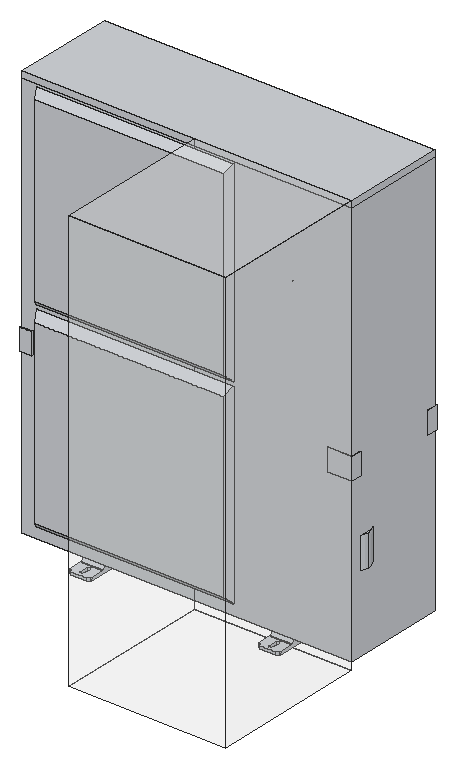
Revit family "pumy-fmp80km3_280hm3_50hz", category 機械設備, Revit 2019
Family settings
  丸型コネクタ寸法 = 直径を使用
  パーツ タイプ = 標準
  OmniClass 番号 = 23.75.10.24.21.27.27
  OmniClass タイトル = Split System Air Conditioning Units
  作業面ベース = いいえ
  常に垂直 = はい
  ロード時にボイドで切り取り = いいえ
  共有 = いいえ
  部屋計算ポイント = いいえ
Parameters (values of type "PUMY-FMP224HM3")
  風量 (㎥/min) = 130
  風量 = [風量 (㎥/min)] * 60.0 m³/h  # 7800.0 m³/h
  音響パワーレベル_暖房 (dB) = 80
  音響パワーレベル_冷房 (dB) = 80
  音響パワーレベル(dB) = [音響パワーレベル_暖房 (dB)]  # 80
  電源種別 = ""
  電源位置Y = 2 mm
  電源位置Z = 1051 mm
  電源位置X = 325 mm
  電圧 = 200 V
  電動機出力_送風機 = 0.3 kW
  電動機出力_圧縮機 = 4.09 kW
  集中コントローラ [instance] = ""
  運転質量 = 0.00 kg
  運転方法 = "冷暖切替"
  質量 = if(製品質量 > 運転質量, 製品質量, 運転質量) * 1.2  # 147.60 kg
  負荷分類 = 1_熱源類
  説明 = "店舗・事務所用マルチＦiｔマルチシリーズ室外機"
  設計暖房能力 [instance] = 0 kW
  設計冷房能力_顕熱 [instance] = 0 kW
  設計冷房能力 [instance] = 0 kW
  設置方法 = "床置形"
  記号 [instance] = ""
  製造元 = "三菱電機株式会社"
  製品質量 = 123.00 kg
  製品出荷対象 = "国内"
  製品リリース年月 = "2026/03/31"
  製品グループ = ""
  系統 [instance] = ""
  符号 = "PAC"
  積算_科目 = "1 空気調和設備"
  積算_拾い区分 [instance] = ""
  相 = 3
  盤記号 [instance] = ""
  発停方法 = "別売リモコン"
  特殊仕様 [instance] = ""
  消費電力_暖房 = 4.98 kW
  消費電力_冷房 = 5.64 kW
  消費電力 = if(消費電力_冷房 > 消費電力_暖房, 消費電力_冷房, 消費電力_暖房)  # 5.64 kW
  法定耐用年数 = "6"
  構成品番 = ""
  極数 = 3
  材質 [instance] = ""
  本体マテリアル = none
  最小電線太さ_mm2 = 8
  最大電流値 = 36 A
  暖房能力 = 22.4 kW
  推奨ブレーカー容量 = 40 A
  据付ピッチ1 = 0 mm
  形式 = "パッケージ形 屋外機"
  形名 = PUMY-FMP-2 : PUMY-FMP-2
  幹線記号 [instance] = ""
  始動方式 = "インバータ"
  呼称 = "パッケージ形空気調和機_屋外機"
  周波数 = 50 Hz
  冷媒管（液）位置Z = 450 mm
  冷媒管位置Z_上面 = 373 mm
  冷媒管（ガス）位置Z = 393 mm
  冷媒液管_半径 = (冷媒液管径) / 2  # 4.76 mm
  冷媒ガス管_半径 = (冷媒ガス管径) / 2  # 11.1 mm
  価格 = 0
  ドレン　位置Z = 19 mm
  ドレン　位置Y = 125 mm
  ドレン　位置X = 110 mm
  アンカーボルト位置Y = 370 mm
  アンカーボルト位置X = 600 mm
  参照している仕様書等のバージョン = "公共建築物標準仕様書（機械設備工事編）平成31年度版"
  分類コード = "5.0053E+13"
  分類グループ = ""
  冷房能力 = 20 kW
  冷媒管（ガス）位置X = 483 mm
  冷媒管（液）位置X = 422 mm
  冷媒管（液）位置Y = 125 mm
  冷媒管（ガス）位置Y = 109 mm
  冷媒管長 [instance] = 0 mm
  冷媒管径符号 = "Bf"
  冷媒管径 = 100.00 mm
  冷媒管位置Z = 273 mm
  冷媒管位置Y = 109 mm
  冷媒管位置X = 483 mm
  冷媒液管径 = 9.52 mm
  冷媒ガス管径 = 22.20 mm
  企業コード = "108420"
  付属品 [instance] = ""
  ユニット数 = 1
  ユニット3 = no
  ユニット2 = no
  モデル = "PUMY-FMP224HM3"
  ドレン管径 = 33.00 mm
  サービススペース = yes
  コメント [instance] = ""
  ケーブル種類1 = ""
  【値が 0 の項目は組合せ形名にてご確認ください】 = ""
  Width = 1050 mm
  Version = ""
  Uniclass2015Version = "Systems v1.9"
  Uniclass2015Title = "Split coil remote air cooled condensing units"
  Uniclass2015Code = "Pr_70_65_03_84"
  URL = "https://www.mitsubishielectric.co.jp/ldg/wink/qr/002/357211/"
  SpecificationReference = ""
  SpecificationDescription = ""
  Revision = ""
  ProductInformation = ""
  OmniClassCode = "23-33 17 13 11"
  IfcTypeProduct = ""
  IfcProduct = ""
  IfcExportType = "AIRCONDITIONINGUNIT"
  IfcExportAs = "IfcUnitaryEquipmentType"
  Height = 1338 mm
  Depth = 330 mm
  Clearance Top = 0 mm
  Clearance Right = 0 mm
  Clearance Left = 0 mm
  Clearance Front = 500 mm
  Clearance Bottom = 0 mm
  Clearance Back = 0 mm
  COP_暖房 = 4.49
  COP_冷房 = 3.54
  COP = (COP_冷房 + COP_暖房) / 2  # 4.015
  BLCJ仕様バージョン = "2.0"
  Author = "三菱電機株式会社"
  APF = 0
Reference planes
  plane 1 "中心(正面/背面)": y = 74
  plane 2: z = 0
  plane 3 "中心(左/右)": x = 830
  plane 4 "右": x = 1355
  plane 5 "左": x = 305
  plane 6 "背面": y = 239
  plane 7 "正面": y = -91
  plane 8 "上部": z = 1338
  plane 9 "Clearanse Top": z = 1338
  plane 10 "SS_back": y = 239
  plane 11 "SS_front": y = -591
  plane 12 "SS_left": x = 305
  plane 13 "SS_right": x = 1355
  plane 14: z = 0
  plane 15: y = -89
  plane 16: x = 1155
  plane 17: z = 1051
  plane 18: x = 1313
  plane 19: z = 26
  plane 20: z = 19
  plane 21: x = 530
  plane 22: x = 1130
  plane 23: y = 254.4
  plane 24: y = -115.6
  plane 25 "ガス管": z = 393
  plane 26 "液管": z = 450
  plane 27: y = -51
  plane 28: y = -35
  plane 29 "冷媒管": z = 273
  plane 30: y = -35
  plane 31: z = 373
  plane 32: x = 1313
  plane 33: x = 1252
  plane 34: x = 460
  plane 35: x = 620
  plane 36: x = 780
  plane 37: y = 199
  plane 38: x = 940
  plane 39: y = 199
  plane 40: x = 350
Forms (mm)
  Extrusion 1, solid, detail levels fine
    sketch origin (0, -91, 0) x (1, 0, 0) y (0, 0, 1)
      loop
        circle (1155, 1051) r 13.5
    from -12 to -2
  Extrusion 2, solid, detail levels fine
    sketch origin (-1437.329, -1524, 54) x (-1, 0, 0) y (0, -1, 0)
      loop
        circle (-1787.329, -1587) r 16.5
      loop
        circle (-1897.329, -1723) r 16.5
      loop
        circle (-2057.329, -1723) r 16.5
      loop
        circle (-2217.329, -1723) r 16.5
      loop
        circle (-2377.329, -1723) r 16.5
    from -35 to -28
  Extrusion 3, solid, detail levels fine
    sketch origin (0, 0, 273) x (-1, 0, 0) y (0, -1, 0)
      loop
        circle (-1313, 35) r 50
    from 0 to 100
Dimensions and locks
  "Depth": plane 7 "正面" to plane 6 "背面"
  "Width": plane 5 "左" to plane 4 "右"
  equal spacing: plane 5 "左", plane 3 "中心(左/右)", plane 4 "右"
  "Clearance Left": plane 12 "SS_left" to plane 5 "左"
  "Clearance Right": plane 4 "右" to plane 13 "SS_right"
  "Clearance Back": plane 6 "背面" to plane 10 "SS_back"
  "Clearance Front": plane 11 "SS_front" to plane 7 "正面"
  "Height": plane 8 "上部" to level
  "Clearance Top": plane 9 "Clearanse Top" to plane 8 "上部"
  "Clearance Bottom": level to plane 14
  "電源位置X": plane 3 "中心(左/右)" to plane 16
  "電源位置Y": plane 7 "正面" to plane 15
  "電源位置Z": plane 17 to level
  "冷媒管位置X": plane 3 "中心(左/右)" to plane 18
  "アンカーボルト位置Y": plane 24 to plane 23
  equal spacing: plane 21, plane 3 "中心(左/右)", plane 22
  "アンカーボルト位置X": plane 21 to plane 22
  plane 5 "左" to plane 21 = 225 mm
  plane 7 "正面" to plane 27 = 40 mm
  plane 7 "正面" to plane 28 = 56 mm
  "冷媒管（ガス）位置Y": plane 28 to plane 1 "中心(正面/背面)"
  "冷媒管（液）位置Y": plane 27 to plane 1 "中心(正面/背面)"
  "冷媒管（ガス）位置Z": plane 25 "ガス管" to level
  "冷媒管（液）位置Z": plane 26 "液管" to level
  "冷媒管位置Z": plane 29 "冷媒管" to level
  "冷媒管位置Y": plane 30 to plane 1 "中心(正面/背面)"
  "冷媒管位置Z_上面": plane 31 to level
  plane 19 to level = 26 mm
  "冷媒管（ガス）位置X": plane 3 "中心(左/右)" to plane 32
  "冷媒管（液）位置X": plane 3 "中心(左/右)" to plane 33
  "ドレン　位置Z": plane 20 to level
  plane 34 to plane 35 to plane 36 = 160 mm locked, 160 mm locked
  "ドレン　位置X": plane 3 "中心(左/右)" to plane 38
  "ドレン　位置Y": plane 1 "中心(正面/背面)" to plane 39
  "ドレン　位置Y": plane 1 "中心(正面/背面)" to plane 37
  locked: Extrusion 2 sketch curve to plane 37 at 136
  locked: plane 40 to plane 34 at 110
  locked: plane 36 to plane 38 at 160
  plane 32 to nested 1 = 42 mm
  plane 33 to plane 32 = 61 mm
  radius of Extrusion 1 sketch curve = 13.5 mm
  "ドレン管径": diameter of Extrusion 2 sketch curve  (x5)
  "冷媒管径": diameter of Extrusion 3 sketch curve
  aligned and locked: level to plane 2
  aligned and locked: plane 13 "SS_right" to nested 1
  aligned and locked: nested 1 to plane 13 "SS_right"
  aligned and locked: plane 11 "SS_front" to nested 1
  aligned and locked: plane 9 "Clearanse Top" to nested 1
  aligned and locked: plane 14 to nested 1
  aligned and locked: plane 17 to Extrusion 1 sketch curve
  aligned and locked: plane 16 to Extrusion 1 sketch curve
  aligned and locked: plane 15 to Extrusion 1
  aligned and locked: plane 19 to Extrusion 2
  aligned and locked: Extrusion 2 to plane 20
  aligned and locked: plane 21 to nested 2
  aligned and locked: plane 23 to nested 2
  aligned and locked: Extrusion 3 to plane 29 "冷媒管"
  aligned and locked: plane 31 to Extrusion 3
  aligned and locked: plane 1 "中心(正面/背面)" to nested 3
  aligned and locked: plane 3 "中心(左/右)" to nested 3
  aligned and locked: plane 18 to Extrusion 3 sketch curve
  aligned and locked: plane 30 to Extrusion 3 sketch curve
  aligned and locked: plane 7 "正面" to nested 1
  aligned and locked: plane 34 to Extrusion 2 sketch curve
  aligned and locked: plane 35 to Extrusion 2 sketch curve
  aligned and locked: plane 36 to Extrusion 2 sketch curve
  aligned and locked: plane 37 to Extrusion 2 sketch curve  (x4)
  aligned and locked: plane 40 to Extrusion 2 sketch curve
  aligned and locked: plane 38 to Extrusion 2 sketch curve
Nested families
  nested 1: "サービススペース" at (1105, -341, 669), visible <- "サービススペース", type "サービススペース"
    with Width 500 mm, Height 1338 mm, Depth 500 mm
  nested 2: "固定点" at (530, -115.6, 0), type "固定点"
    with W 600 mm, D 370 mm
  nested 3: "PUMY-FMP-2" at (830, 74, 0), type <- "形名", type "PUMY-FMP-2"
    with 表示 yes, W 1050 mm, H 1338 mm, D 330 mm
Connectors
  electrical at (1155, -89, 1051), driven by "極数", driven by "負荷分類", driven by "電圧", driven by "消費電力"
    settings: on Extrusion 1, index 2, voltage 200 V, apparent load 5640 VA, apparent load phase1 0 VA, apparent load phase2 0 VA, apparent load phase3 0 VA, power factor 1, load classification "1_熱源類", number of poles 3, system type 30, power factor state 1, is connector primary yes, connector utility no, sub classification motor no, connector description ""
  piping at (1313, -35, 273), diameter 100, driven by "冷媒管径"
    settings: on Extrusion 3, index 3, connector inside diameter 609.60 mm, connector length 0 mm, flow factor 0, pipe flow 0.0 L/s, pressure drop 0.0 Pa, fitting loss kfactor 0, connector angle 0.00°, fixture units 0, engagement length 0 mm, angle of deflection 0.00°, flow configuration 1, flow direction 2, fitting loss method 4, system type 7, joint type 0, gender type 0, connector reference index -1, connector utility 0, adjustable connector no, is connector primary yes, connector description "Bd"
Definition of nested family "サービススペース"
  Parameters (values of type "サービススペース")
    Width [instance] = 500 mm
    Height [instance] = 500 mm
    Depth [instance] = 500 mm
  Reference planes
    plane 1 "中心(正面/背面)": y = 0
    plane 2: z = 0
    plane 3 "中心(左/右)": x = 0
    plane 4: y = -250
    plane 5: x = 250
    plane 6: y = 250
    plane 7: x = -250
    plane 8: z = 250
    plane 9: z = -250
  Forms (mm)
    Extrusion 1, solid
      sketch origin (-638.939, 0, 72.39) x (1, 0, 0) y (0, 1, 0)
        loop
          line (388.939, 250) -> (388.939, -250) -> (888.939, -250) -> (888.939, 250) -> (388.939, 250)
      from -322.39 to 177.61
  Lines and regions (mm)
    symbolic lines
      curve 1: line (-250, 0, 250) -> (250, 0, 250)
      curve 2: line (-250, 0, -250) -> (-250, 0, 250)
      curve 3: line (250, 0, -250) -> (-250, 0, -250)
      curve 4: line (250, 0, 250) -> (250, 0, -250)
      curve 5: line (0, -250, 250) -> (0, 250, 250)
      curve 6: line (0, -250, -250) -> (0, -250, 250)
      curve 7: line (0, 250, -250) -> (0, -250, -250)
      curve 8: line (0, 250, 250) -> (0, 250, -250)
      curve 9: line (-250, 250, 0) -> (250, 250, 0)
      curve 10: line (-250, -250, 0) -> (-250, 250, 0)
      curve 11: line (250, -250, 0) -> (-250, -250, 0)
      curve 12: line (250, 250, 0) -> (250, -250, 0)
  Dimensions and locks
    equal spacing: plane 7, plane 3 "中心(左/右)", plane 5
    equal spacing: plane 4, plane 1 "中心(正面/背面)", plane 6
    "Depth": plane 4 to plane 6
    "Width": plane 7 to plane 5
    equal spacing: plane 8, plane 2, plane 9
    "Height": plane 8 to plane 9
    aligned and locked: plane 9 to curve 3
    aligned and locked: plane 7 to curve 2
    aligned and locked: curve 4 to plane 5
    aligned and locked: plane 5 to Extrusion 1
    aligned and locked: Extrusion 1 to plane 7
    aligned and locked: Extrusion 1 to plane 9
    aligned and locked: plane 8 to Extrusion 1
    aligned and locked: plane 9 to curve 7
  Automatic sketch dimensions
    plane 4 to Extrusion 1 sketch curve = 0 mm
    Extrusion 1 sketch curve to plane 7 = 0 mm
    Extrusion 1 sketch curve to plane 5 = 0 mm
    plane 6 to Extrusion 1 sketch curve = 0 mm
    curve 2 to plane 8 = 0 mm
    plane 4 to curve 11 = 0 mm
    curve 11 to plane 7 = 0 mm
    curve 11 to plane 5 = 0 mm
    plane 6 to curve 10 = 0 mm
    curve 7 to plane 4 = 0 mm
    curve 7 to plane 6 = 0 mm
    curve 6 to plane 8 = 0 mm
Definition of nested family "PUMY-FMP-2"
  Parameters (values of type "PUMY-FMP-2")
    H [instance] = 1338 mm  # constant formula
    D [instance] = 330 mm  # constant formula
    マテリアル = none
    表示 [instance] = yes
    W [instance] = 1050 mm  # constant formula
  Reference planes
    plane 1 "中心(正面/背面)": y = 0
    plane 2: z = 0
    plane 3 "中心(左/右)": x = 0
    plane 4: x = 0
    plane 5: z = 1338
    plane 6: x = -525
    plane 7: x = 525
    plane 8: y = 165
    plane 9: y = -165
    plane 10: y = -190
    plane 11: z = 1318
    plane 12: z = 26
  Forms (mm)
    Extrusion 1, solid, material <- "マテリアル", visible <- "表示", detail levels fine
      sketch origin (-1437.329, -1524, 630) x (-1, 0, 0) y (0, -1, 0)
        loop
          line (-1962.329, -1689) -> (-912.329, -1689) -> (-912.329, -1359) -> (-1962.329, -1359) -> (-1962.329, -1689)
      from -604 to 688
    Extrusion 2, solid, material <- "マテリアル", visible <- "表示", detail levels fine
      sketch origin (-1437.329, -1524, 1190) x (-1, 0, 0) y (0, -1, 0)
        loop
          line (-912.329, -1689) -> (-912.329, -1359) -> (-1962.329, -1359) -> (-1962.329, -1689) -> (-912.329, -1689)
      from 128 to 148
    Blend 3, solid, material <- "マテリアル", visible <- "表示", detail levels fine
      base sketch origin (0, 0, 0) x (1, 0, 0) y (0, 0, 1)
        loop
          line (-474.702, 679.454) -> (-474.702, 59.346) -> (148.7, 59.346) -> (148.7, 679.454) -> (-474.702, 679.454)
      top sketch origin (0, 0, 0) x (1, 0, 0) y (0, 0, 1)
        loop
          line (-462.801, 655.9) -> (-462.801, 82.9) -> (136.799, 82.9) -> (136.799, 655.9) -> (-462.801, 655.9)
      from 165 to 190
    Extrusion 4, solid, visible <- "表示", detail levels fine
      sketch origin (-609, 1296.25, 1200) x (0, 1, 0) y (0, 0, 1)
        loop
          line (-1131.716, -1190.1) -> (-1139.978, -1175.791) -> (-1138.943, -1174) -> (-1453.558, -1174) -> (-1452.123, -1176.484) -> (-1459.984, -1190.1)
          arc (-1459.984, -1190.1) -> (-1461.082, -1191.198) -> (-1462.582, -1191.6) r 3
          line (-1462.582, -1191.6) -> (-1462.582, -1200) -> (-1129.118, -1200) -> (-1129.118, -1191.6)
          arc (-1129.118, -1191.6) -> (-1130.618, -1191.198) -> (-1131.716, -1190.1) r 3
      from 274 to 344
    Extrusion 5, solid, material <- "マテリアル", visible <- "表示", detail levels fine
      sketch origin (-1437.329, -1524, 630) x (-1, 0, 0) y (0, -1, 0)
        loop
          line (-965.318, -1689) -> (-1679.923, -1689) -> (-1671.307, -1703.923) -> (-973.933, -1703.923) -> (-965.318, -1689)
      from -387.743 to 677.843
    Extrusion 6, solid, material <- "マテリアル", visible <- "表示", detail levels fine
      sketch origin (-1437.329, -1524, 690.85) x (-1, 0, 0) y (0, -1, 0)
        loop
          line (-909.529, -1691.8) -> (-909.529, -1614.8) -> (-912.329, -1614.8) -> (-912.329, -1689) -> (-947.329, -1689) -> (-947.329, -1691.8) -> (-909.529, -1691.8)
        loop
          line (-909.529, -1356.2) -> (-947.329, -1356.2) -> (-947.329, -1359) -> (-912.329, -1359) -> (-912.329, -1433.2) -> (-909.529, -1433.2) -> (-909.529, -1356.2)
        loop
          line (-1965.129, -1691.8) -> (-1886.229, -1691.8) -> (-1886.229, -1689) -> (-1962.329, -1689) -> (-1962.329, -1656.8) -> (-1965.129, -1656.8) -> (-1965.129, -1691.8)
        loop
          line (-1965.129, -1356.2) -> (-1965.129, -1391.2) -> (-1962.329, -1391.2) -> (-1962.329, -1359) -> (-1886.229, -1359) -> (-1886.229, -1356.2) -> (-1965.129, -1356.2)
      from -148.45 to -79.45
    Blend 7, solid, material <- "マテリアル", visible <- "表示", detail levels fine
      base sketch origin (0, 0, 632.4) x (1, 0, 0) y (0, 0, 1)
        loop
          line (-474.702, 679.454) -> (-474.702, 59.346) -> (148.7, 59.346) -> (148.7, 679.454) -> (-474.702, 679.454)
      top sketch origin (0, 0, 632.4) x (1, 0, 0) y (0, 0, 1)
        loop
          line (-462.801, 655.9) -> (-462.801, 82.9) -> (136.799, 82.9) -> (136.799, 655.9) -> (-462.801, 655.9)
      from 165 to 190
    Extrusion 8, solid, visible <- "表示", detail levels fine
      sketch origin (181, -1524, 207) x (-1, 0, 0) y (0, -1, 0)
        loop
          line (-84, -1357.668) -> (-84, -1314.4)
          arc (-84, -1314.4) -> (-84.879, -1312.279) -> (-87, -1311.4) r 3
          line (-87, -1311.4) -> (-89, -1311.4)
          arc (-89, -1311.4) -> (-90.464, -1307.864) -> (-94, -1306.4) r 5
          line (-94, -1306.4) -> (-144, -1306.4)
          arc (-144, -1306.4) -> (-147.536, -1307.864) -> (-149, -1311.4) r 5
          line (-149, -1311.4) -> (-151, -1311.4)
          arc (-151, -1311.4) -> (-153.121, -1312.279) -> (-154, -1314.4) r 3
          line (-154, -1314.4) -> (-154, -1357.668) -> (-84, -1357.668)
        loop
          arc (-125, -1344.4) -> (-119, -1350.4) -> (-113, -1344.4) r 6
          line (-113, -1344.4) -> (-113, -1320.4)
          arc (-113, -1320.4) -> (-119, -1314.4) -> (-125, -1320.4) r 6
          line (-125, -1320.4) -> (-125, -1344.4)
        loop
          line (516, -1357.668) -> (516, -1314.4)
          arc (516, -1314.4) -> (515.121, -1312.279) -> (513, -1311.4) r 3
          line (513, -1311.4) -> (511, -1311.4)
          arc (511, -1311.4) -> (509.536, -1307.864) -> (506, -1306.4) r 5
          line (506, -1306.4) -> (456, -1306.4)
          arc (456, -1306.4) -> (452.464, -1307.864) -> (451, -1311.4) r 5
          line (451, -1311.4) -> (449, -1311.4)
          arc (449, -1311.4) -> (446.879, -1312.279) -> (446, -1314.4) r 3
          line (446, -1314.4) -> (446, -1357.668) -> (516, -1357.668)
        loop
          arc (475, -1344.4) -> (481, -1350.4) -> (487, -1344.4) r 6
          line (487, -1344.4) -> (487, -1320.4)
          arc (487, -1320.4) -> (481, -1314.4) -> (475, -1320.4) r 6
          line (475, -1320.4) -> (475, -1344.4)
        loop
          line (-84, -1691.132) -> (-154, -1691.132) -> (-154, -1715.4)
          arc (-154, -1715.4) -> (-153.121, -1717.521) -> (-151, -1718.4) r 3
          line (-151, -1718.4) -> (-149, -1718.4)
          arc (-149, -1718.4) -> (-147.536, -1721.936) -> (-144, -1723.4) r 5
          line (-144, -1723.4) -> (-130, -1723.4)
          arc (-130, -1723.4) -> (-126.464, -1721.936) -> (-125, -1718.4) r 5
          line (-125, -1718.4) -> (-125, -1704.4)
          arc (-125, -1704.4) -> (-119, -1698.4) -> (-113, -1704.4) r 6
          line (-113, -1704.4) -> (-113, -1718.4)
          arc (-113, -1718.4) -> (-111.536, -1721.936) -> (-108, -1723.4) r 5
          line (-108, -1723.4) -> (-94, -1723.4)
          arc (-94, -1723.4) -> (-90.464, -1721.936) -> (-89, -1718.4) r 5
          line (-89, -1718.4) -> (-87, -1718.4)
          arc (-87, -1718.4) -> (-84.879, -1717.521) -> (-84, -1715.4) r 3
          line (-84, -1715.4) -> (-84, -1691.132)
        loop
          line (516, -1691.132) -> (446, -1691.132) -> (446, -1715.4)
          arc (446, -1715.4) -> (446.879, -1717.521) -> (449, -1718.4) r 3
          line (449, -1718.4) -> (451, -1718.4)
          arc (451, -1718.4) -> (452.464, -1721.936) -> (456, -1723.4) r 5
          line (456, -1723.4) -> (470, -1723.4)
          arc (470, -1723.4) -> (473.536, -1721.936) -> (475, -1718.4) r 5
          line (475, -1718.4) -> (475, -1704.4)
          arc (475, -1704.4) -> (481, -1698.4) -> (487, -1704.4) r 6
          line (487, -1704.4) -> (487, -1718.4)
          arc (487, -1718.4) -> (488.464, -1721.936) -> (492, -1723.4) r 5
          line (492, -1723.4) -> (506, -1723.4)
          arc (506, -1723.4) -> (509.536, -1721.936) -> (511, -1718.4) r 5
          line (511, -1718.4) -> (513, -1718.4)
          arc (513, -1718.4) -> (515.121, -1717.521) -> (516, -1715.4) r 3
          line (516, -1715.4) -> (516, -1691.132)
      from -207 to -198.6
    Extrusion 9, solid, visible <- "表示", detail levels fine
      sketch origin (-9, 1296.25, 1200) x (0, 1, 0) y (0, 0, 1)
        loop
          line (-1131.716, -1190.1) -> (-1139.978, -1175.791) -> (-1138.943, -1174) -> (-1453.558, -1174) -> (-1452.123, -1176.484) -> (-1459.984, -1190.1)
          arc (-1459.984, -1190.1) -> (-1461.082, -1191.198) -> (-1462.582, -1191.6) r 3
          line (-1462.582, -1191.6) -> (-1462.582, -1200) -> (-1129.118, -1200) -> (-1129.118, -1191.6)
          arc (-1129.118, -1191.6) -> (-1130.618, -1191.198) -> (-1131.716, -1190.1) r 3
      from 274 to 344
  Cuts and joins
    joined: Extrusion 1, Extrusion 6
    joined: Extrusion 4, Extrusion 8, Extrusion 9
  Lines and regions (mm)
    Masking region 1, visible <- "表示", detail levels coarse+medium
      outline origin (0, 0, 0) x (1, 0, 0) y (0, 1, 0)
        loop
          line (525, 165) -> (335, 165) -> (335, 199.4) -> (265, 199.4) -> (265, 165) -> (242.594, 165) -> (233.978, 179.923) -> (-265, 179.923) -> (-265, 199.4) -> (-335, 199.4) -> (-335, 179.923) -> (-463.396, 179.923) -> (-472.012, 165) -> (-525, 165) -> (-525, -165) -> (-474.702, -165) -> (-462.801, -190) -> (-335, -190) -> (-335, -217.6) -> (-265, -217.6) -> (-265, -190) -> (136.799, -190) -> (148.7, -165) -> (265, -165) -> (265, -217.6) -> (335, -217.6) -> (335, -165) -> (525, -165) -> (525, 165)
    model lines, visible <- "表示", detail levels fine
      curve 1: line (480.3, 131.243, 1338) -> (-479.7, 131.243, 1338)
      curve 2: line (480.3, 48.757, 1338) -> (-479.7, 48.757, 1338)
      curve 3: line (-495.943, 115, 1338) -> (-495.943, 65, 1338)
      curve 4: line (496.543, 65, 1338) -> (496.543, 115, 1338)
      curve 5: line (-462.801, -190, 367.906) -> (136.799, -190, 367.906)
      curve 6: line (-190.601, -190, 655.9) -> (-190.601, -190, 82.9)
      curve 15: arc (-479.7, 131.243, 1338) -> (-491.185, 126.485, 1338) -> (-495.943, 115, 1338) r 16.243
      curve 16: arc (-495.943, 65, 1338) -> (-491.185, 53.515, 1338) -> (-479.7, 48.757, 1338) r 16.243
      curve 17: arc (496.543, 115, 1338) -> (491.785, 126.485, 1338) -> (480.3, 131.243, 1338) r 16.243
      curve 18: arc (496.543, 65, 1338) -> (491.785, 53.515, 1338) -> (480.3, 48.757, 1338) r 16.243
      curve 19: line (480.3, 41.243, 1338) -> (-479.7, 41.243, 1338)
      curve 20: line (480.3, -41.243, 1338) -> (-479.7, -41.243, 1338)
      curve 21: line (-495.943, 25, 1338) -> (-495.943, -25, 1338)
      curve 22: line (496.543, -25, 1338) -> (496.543, 25, 1338)
      curve 31: arc (-479.7, 41.243, 1338) -> (-491.185, 36.485, 1338) -> (-495.943, 25, 1338) r 16.243
      curve 32: arc (-495.943, -25, 1338) -> (-491.185, -36.485, 1338) -> (-479.7, -41.243, 1338) r 16.243
      curve 33: arc (496.543, 25, 1338) -> (491.785, 36.485, 1338) -> (480.3, 41.243, 1338) r 16.243
      curve 34: arc (496.543, -25, 1338) -> (491.785, -36.485, 1338) -> (480.3, -41.243, 1338) r 16.243
      curve 35: line (480.3, -48.757, 1338) -> (-479.7, -48.757, 1338)
      curve 36: line (480.3, -131.243, 1338) -> (-479.7, -131.243, 1338)
      curve 37: line (-495.943, -65, 1338) -> (-495.943, -115, 1338)
      curve 38: line (496.543, -115, 1338) -> (496.543, -65, 1338)
      curve 47: arc (-479.7, -48.757, 1338) -> (-491.185, -53.515, 1338) -> (-495.943, -65, 1338) r 16.243
      curve 48: arc (-495.943, -115, 1338) -> (-491.185, -126.485, 1338) -> (-479.7, -131.243, 1338) r 16.243
      curve 49: arc (496.543, -65, 1338) -> (491.785, -53.515, 1338) -> (480.3, -48.757, 1338) r 16.243
      curve 50: arc (496.543, -115, 1338) -> (491.785, -126.485, 1338) -> (480.3, -131.243, 1338) r 16.243
      curve 51: line (-462.801, -190, 462.9) -> (136.799, -190, 462.9)
      curve 52: line (-462.801, -190, 557.9) -> (136.799, -190, 557.9)
      curve 53: line (-462.801, -190, 272.9) -> (136.799, -190, 272.9)
      curve 54: line (-462.801, -190, 177.906) -> (136.799, -190, 177.906)
      curve 55: line (-179.201, -190, 655.9) -> (-179.201, -190, 82.9)
      curve 56: line (-167.801, -190, 655.9) -> (-167.801, -190, 82.9)
      curve 57: line (-156.401, -190, 655.9) -> (-156.401, -190, 82.9)
      curve 58: line (-145.001, -190, 655.9) -> (-145.001, -190, 82.9)
      curve 59: line (-133.601, -190, 655.9) -> (-133.601, -190, 82.9)
      curve 60: line (-122.201, -190, 655.9) -> (-122.201, -190, 82.9)
      curve 61: line (-110.801, -190, 655.9) -> (-110.801, -190, 82.9)
      curve 62: line (-99.401, -190, 655.9) -> (-99.401, -190, 82.9)
      curve 63: line (-88.001, -190, 655.9) -> (-88.001, -190, 82.9)
      curve 64: line (-76.601, -190, 655.9) -> (-76.601, -190, 82.9)
      curve 65: line (-65.201, -190, 655.9) -> (-65.201, -190, 82.9)
      curve 66: line (-53.801, -190, 655.9) -> (-53.801, -190, 82.9)
      curve 67: line (-42.401, -190, 655.9) -> (-42.401, -190, 82.9)
      curve 68: line (-31.001, -190, 655.9) -> (-31.001, -190, 82.9)
      curve 69: line (-19.601, -190, 655.9) -> (-19.601, -190, 82.9)
      curve 70: line (-8.201, -190, 655.9) -> (-8.201, -190, 82.9)
      curve 71: line (3.199, -190, 655.9) -> (3.199, -190, 82.9)
      curve 72: line (14.599, -190, 655.9) -> (14.599, -190, 82.9)
      curve 73: line (25.999, -190, 655.9) -> (25.999, -190, 82.9)
      curve 74: line (37.399, -190, 655.9) -> (37.399, -190, 82.9)
      curve 75: line (48.799, -190, 655.9) -> (48.799, -190, 82.9)
      curve 76: line (60.199, -190, 655.9) -> (60.199, -190, 82.9)
      curve 77: line (-202.001, -190, 655.9) -> (-202.001, -190, 82.9)
      curve 78: line (-213.401, -190, 655.9) -> (-213.401, -190, 82.9)
      curve 79: line (-224.801, -190, 655.9) -> (-224.801, -190, 82.9)
      curve 80: line (-236.201, -190, 655.9) -> (-236.201, -190, 82.9)
      curve 81: line (-247.601, -190, 655.9) -> (-247.601, -190, 82.9)
      curve 82: line (-259.001, -190, 655.9) -> (-259.001, -190, 82.9)
      curve 83: line (-270.401, -190, 655.9) -> (-270.401, -190, 82.9)
      curve 84: line (-281.801, -190, 655.9) -> (-281.801, -190, 82.9)
      curve 85: line (-293.201, -190, 655.9) -> (-293.201, -190, 82.9)
      curve 86: line (-304.601, -190, 655.9) -> (-304.601, -190, 82.9)
      curve 87: line (-316.001, -190, 655.9) -> (-316.001, -190, 82.9)
      curve 88: line (-327.401, -190, 655.9) -> (-327.401, -190, 82.9)
      curve 89: line (-338.801, -190, 655.9) -> (-338.801, -190, 82.9)
      curve 90: line (-350.201, -190, 655.9) -> (-350.201, -190, 82.9)
      curve 91: line (-361.601, -190, 655.9) -> (-361.601, -190, 82.9)
      curve 92: line (-373.001, -190, 655.9) -> (-373.001, -190, 82.9)
      curve 93: line (-384.401, -190, 655.9) -> (-384.401, -190, 82.9)
      curve 94: line (-395.801, -190, 655.9) -> (-395.801, -190, 82.9)
      curve 95: line (-407.201, -190, 655.9) -> (-407.201, -190, 82.9)
      curve 96: line (-418.601, -190, 655.9) -> (-418.601, -190, 82.9)
      curve 97: line (-430.001, -190, 655.9) -> (-430.001, -190, 82.9)
      curve 98: line (-439.001, -190, 655.9) -> (-439.001, -190, 82.9)
      curve 99: line (-448.001, -190, 655.9) -> (-448.001, -190, 82.9)
      curve 100: line (-457.001, -190, 655.9) -> (-457.001, -190, 82.9)
      curve 101: line (166, -165, 26) -> (166, -165, 1318)
      curve 102: line (166, -165, 184) -> (525, -165, 184)
      curve 103: line (166, -165, 207) -> (525, -165, 207)
      curve 104: line (-525, -47, 93) -> (-525, -35, 93)
      curve 105: line (-525, -35, 288) -> (-525, -47, 288)
      curve 106: line (-525, -24, 104) -> (-525, -24, 277)
      curve 107: line (-525, -58, 104) -> (-525, -58, 277)
      curve 108: arc (-525, -35, 93) -> (-525, -27.222, 96.222) -> (-525, -24, 104) r 11
      curve 109: arc (-525, -58, 104) -> (-525, -54.778, 96.222) -> (-525, -47, 93) r 11
      curve 110: arc (-525, -24, 277) -> (-525, -27.222, 284.778) -> (-525, -35, 288) r 11
      curve 111: arc (-525, -47, 288) -> (-525, -54.778, 284.778) -> (-525, -58, 277) r 11
      curve 112: line (525, 77.328, 256.4) -> (525, 5.672, 256.4)
      curve 113: line (525, 5.672, 256.4) -> (525, 5.672, 269.961)
      curve 114: line (525, 8.672, 272.961) -> (525, 74.328, 272.961)
      curve 115: line (525, 77.328, 269.961) -> (525, 77.328, 256.4)
      curve 116: arc (525, 5.672, 269.961) -> (525, 6.55, 272.083) -> (525, 8.672, 272.961) r 3
      curve 117: arc (525, 74.328, 272.961) -> (525, 76.45, 272.083) -> (525, 77.328, 269.961) r 3
      curve 118: line (525, 165, 207) -> (525, -165, 207)
      curve 119: line (525, 165, 184) -> (525, -165, 184)
      curve 120: line (525, -12, 1318) -> (525, -12, 26)
      curve 121: arc (525, 20.214, 158.65) -> (525, 8.3, 170.564) -> (525, -3.614, 158.65) r 11.914
      curve 122: line (525, -3.614, 158.65) -> (525, -3.614, 48.65)
      curve 123: arc (525, -3.614, 48.65) -> (525, 8.3, 36.736) -> (525, 20.214, 48.65) r 11.914
      curve 124: line (525, 20.214, 48.65) -> (525, 20.214, 158.65)
      curve 125: line (-463.396, 179.923, 775.05) -> (233.978, 179.923, 775.05)
      curve 126: arc (316, 165, 242.257) -> (308.05, 165, 245.55) -> (304.757, 165, 253.5) r 11.243
      curve 127: line (304.757, 165, 253.5) -> (304.757, 165, 1296.6)
      curve 128: arc (304.757, 165, 1296.6) -> (308.05, 165, 1304.55) -> (316, 165, 1307.843) r 11.243
      curve 129: line (316, 165, 1307.843) -> (354, 165, 1307.843)
      curve 130: arc (354, 165, 1307.843) -> (361.95, 165, 1304.55) -> (365.243, 165, 1296.6) r 11.243
      curve 131: line (365.243, 165, 1296.6) -> (365.243, 165, 253.5)
      curve 132: arc (365.243, 165, 253.5) -> (361.95, 165, 245.55) -> (354, 165, 242.257) r 11.243
      curve 133: line (354, 165, 242.257) -> (316, 165, 242.257)
      curve 134: arc (389, 165, 242.257) -> (381.05, 165, 245.55) -> (377.757, 165, 253.5) r 11.243
      curve 135: line (377.757, 165, 253.5) -> (377.757, 165, 1296.6)
      curve 136: arc (377.757, 165, 1296.6) -> (381.05, 165, 1304.55) -> (389, 165, 1307.843) r 11.243
      curve 137: line (389, 165, 1307.843) -> (427, 165, 1307.843)
      curve 138: arc (427, 165, 1307.843) -> (434.95, 165, 1304.55) -> (438.243, 165, 1296.6) r 11.243
      curve 139: line (438.243, 165, 1296.6) -> (438.243, 165, 253.5)
      curve 140: arc (438.243, 165, 253.5) -> (434.95, 165, 245.55) -> (427, 165, 242.257) r 11.243
      curve 141: line (427, 165, 242.257) -> (389, 165, 242.257)
      curve 142: line (525, 165, 207) -> (277.9, 165, 207)
      curve 143: line (277.9, 165, 184) -> (525, 165, 184)
      curve 144: line (277.9, 165, 26) -> (277.9, 165, 1318)
      curve 145: line (-525, -75.4, 26) -> (-525, -75.4, 1318)
      curve 184: line (71.599, -190, 655.9) -> (71.599, -190, 82.9)
      curve 185: line (82.999, -190, 655.9) -> (82.999, -190, 82.9)
      curve 186: line (94.399, -190, 655.9) -> (94.399, -190, 82.9)
      curve 187: line (105.799, -190, 655.9) -> (105.799, -190, 82.9)
      curve 188: line (114.799, -190, 655.9) -> (114.799, -190, 82.9)
      curve 189: line (123.799, -190, 655.9) -> (123.799, -190, 82.9)
      curve 190: line (132.799, -190, 655.9) -> (132.799, -190, 82.9)
      curve 191: line (-462.801, -190, 1000.306) -> (136.799, -190, 1000.306)
      curve 192: line (-190.601, -190, 1288.3) -> (-190.601, -190, 715.3)
      curve 193: line (-462.801, -190, 1095.3) -> (136.799, -190, 1095.3)
      curve 194: line (-462.801, -190, 1190.3) -> (136.799, -190, 1190.3)
      curve 195: line (-462.801, -190, 905.3) -> (136.799, -190, 905.3)
      curve 196: line (-462.801, -190, 810.306) -> (136.799, -190, 810.306)
      curve 197: line (-179.201, -190, 1288.3) -> (-179.201, -190, 715.3)
      curve 198: line (-167.801, -190, 1288.3) -> (-167.801, -190, 715.3)
      curve 199: line (-156.401, -190, 1288.3) -> (-156.401, -190, 715.3)
      curve 200: line (-145.001, -190, 1288.3) -> (-145.001, -190, 715.3)
      curve 201: line (-133.601, -190, 1288.3) -> (-133.601, -190, 715.3)
      curve 202: line (-122.201, -190, 1288.3) -> (-122.201, -190, 715.3)
      curve 203: line (-110.801, -190, 1288.3) -> (-110.801, -190, 715.3)
      curve 204: line (-99.401, -190, 1288.3) -> (-99.401, -190, 715.3)
      curve 205: line (-88.001, -190, 1288.3) -> (-88.001, -190, 715.3)
      curve 206: line (-76.601, -190, 1288.3) -> (-76.601, -190, 715.3)
      curve 207: line (-65.201, -190, 1288.3) -> (-65.201, -190, 715.3)
      curve 208: line (-53.801, -190, 1288.3) -> (-53.801, -190, 715.3)
      curve 209: line (-42.401, -190, 1288.3) -> (-42.401, -190, 715.3)
      curve 210: line (-31.001, -190, 1288.3) -> (-31.001, -190, 715.3)
      curve 211: line (-19.601, -190, 1288.3) -> (-19.601, -190, 715.3)
      curve 212: line (-8.201, -190, 1288.3) -> (-8.201, -190, 715.3)
      curve 213: line (3.199, -190, 1288.3) -> (3.199, -190, 715.3)
      curve 214: line (14.599, -190, 1288.3) -> (14.599, -190, 715.3)
      curve 215: line (25.999, -190, 1288.3) -> (25.999, -190, 715.3)
      curve 216: line (37.399, -190, 1288.3) -> (37.399, -190, 715.3)
      curve 217: line (48.799, -190, 1288.3) -> (48.799, -190, 715.3)
      curve 218: line (60.199, -190, 1288.3) -> (60.199, -190, 715.3)
      curve 219: line (-202.001, -190, 1288.3) -> (-202.001, -190, 715.3)
      curve 220: line (-213.401, -190, 1288.3) -> (-213.401, -190, 715.3)
      curve 221: line (-224.801, -190, 1288.3) -> (-224.801, -190, 715.3)
      curve 222: line (-236.201, -190, 1288.3) -> (-236.201, -190, 715.3)
      curve 223: line (-247.601, -190, 1288.3) -> (-247.601, -190, 715.3)
      curve 224: line (-259.001, -190, 1288.3) -> (-259.001, -190, 715.3)
      curve 225: line (-270.401, -190, 1288.3) -> (-270.401, -190, 715.3)
      curve 226: line (-281.801, -190, 1288.3) -> (-281.801, -190, 715.3)
      curve 227: line (-293.201, -190, 1288.3) -> (-293.201, -190, 715.3)
      curve 228: line (-304.601, -190, 1288.3) -> (-304.601, -190, 715.3)
      curve 229: line (-316.001, -190, 1288.3) -> (-316.001, -190, 715.3)
      curve 230: line (-327.401, -190, 1288.3) -> (-327.401, -190, 715.3)
      curve 231: line (-338.801, -190, 1288.3) -> (-338.801, -190, 715.3)
      curve 232: line (-350.201, -190, 1288.3) -> (-350.201, -190, 715.3)
      curve 233: line (-361.601, -190, 1288.3) -> (-361.601, -190, 715.3)
      curve 234: line (-373.001, -190, 1288.3) -> (-373.001, -190, 715.3)
      curve 235: line (-384.401, -190, 1288.3) -> (-384.401, -190, 715.3)
      curve 236: line (-395.801, -190, 1288.3) -> (-395.801, -190, 715.3)
      curve 237: line (-407.201, -190, 1288.3) -> (-407.201, -190, 715.3)
      curve 238: line (-418.601, -190, 1288.3) -> (-418.601, -190, 715.3)
      curve 239: line (-430.001, -190, 1288.3) -> (-430.001, -190, 715.3)
      curve 240: line (-439.001, -190, 1288.3) -> (-439.001, -190, 715.3)
      curve 241: line (-448.001, -190, 1288.3) -> (-448.001, -190, 715.3)
      curve 242: line (-457.001, -190, 1288.3) -> (-457.001, -190, 715.3)
      curve 243: line (71.599, -190, 1288.3) -> (71.599, -190, 715.3)
      curve 244: line (82.999, -190, 1288.3) -> (82.999, -190, 715.3)
      curve 245: line (94.399, -190, 1288.3) -> (94.399, -190, 715.3)
      curve 246: line (105.799, -190, 1288.3) -> (105.799, -190, 715.3)
      curve 247: line (114.799, -190, 1288.3) -> (114.799, -190, 715.3)
      curve 248: line (123.799, -190, 1288.3) -> (123.799, -190, 715.3)
      curve 249: line (132.799, -190, 1288.3) -> (132.799, -190, 715.3)
      curve 250: line (212.757, -165, 1084) -> (212.757, -165, 253.6)
      curve 251: arc (212.757, -165, 253.6) -> (216.05, -165, 245.65) -> (224, -165, 242.357) r 11.243
      curve 252: line (224, -165, 242.357) -> (330, -165, 242.357)
      curve 253: arc (330, -165, 242.357) -> (337.95, -165, 245.65) -> (341.243, -165, 253.6) r 11.243
      curve 254: line (341.243, -165, 253.6) -> (341.243, -165, 1084)
      curve 255: arc (212.757, -165, 1084) -> (216.05, -165, 1091.95) -> (224, -165, 1095.243) r 11.243
      curve 256: line (224, -165, 1095.243) -> (330, -165, 1095.243)
      curve 257: arc (330, -165, 1095.243) -> (337.95, -165, 1091.95) -> (341.243, -165, 1084) r 11.243
      curve 261: line (-525, 0, 93) -> (-525, 12, 93)
      curve 262: line (-525, 12, 288) -> (-525, 0, 288)
      curve 263: line (-525, 23, 104) -> (-525, 23, 277)
      curve 264: line (-525, -11, 104) -> (-525, -11, 277)
      curve 265: arc (-525, 12, 93) -> (-525, 19.778, 96.222) -> (-525, 23, 104) r 11
      curve 266: arc (-525, -11, 104) -> (-525, -7.778, 96.222) -> (-525, 0, 93) r 11
      curve 267: arc (-525, 23, 277) -> (-525, 19.778, 284.778) -> (-525, 12, 288) r 11
      curve 268: arc (-525, 0, 288) -> (-525, -7.778, 284.778) -> (-525, -11, 277) r 11
      curve 269: line (-525, 47, 93) -> (-525, 59, 93)
      curve 270: line (-525, 59, 288) -> (-525, 47, 288)
      curve 271: line (-525, 70, 104) -> (-525, 70, 277)
      curve 272: line (-525, 36, 104) -> (-525, 36, 277)
      curve 273: arc (-525, 59, 93) -> (-525, 66.778, 96.222) -> (-525, 70, 104) r 11
      curve 274: arc (-525, 36, 104) -> (-525, 39.222, 96.222) -> (-525, 47, 93) r 11
      curve 275: arc (-525, 70, 277) -> (-525, 66.778, 284.778) -> (-525, 59, 288) r 11
      curve 276: arc (-525, 47, 288) -> (-525, 39.222, 284.778) -> (-525, 36, 277) r 11
      curve 277: line (-525, 94, 93) -> (-525, 106, 93)
      curve 278: line (-525, 106, 288) -> (-525, 94, 288)
      curve 279: line (-525, 117, 104) -> (-525, 117, 277)
      curve 280: line (-525, 83, 104) -> (-525, 83, 277)
      curve 281: arc (-525, 106, 93) -> (-525, 113.778, 96.222) -> (-525, 117, 104) r 11
      curve 282: arc (-525, 83, 104) -> (-525, 86.222, 96.222) -> (-525, 94, 93) r 11
      curve 283: arc (-525, 117, 277) -> (-525, 113.778, 284.778) -> (-525, 106, 288) r 11
      curve 284: arc (-525, 94, 288) -> (-525, 86.222, 284.778) -> (-525, 83, 277) r 11
      curve 285: line (-525, -47, 297) -> (-525, -35, 297)
      curve 286: line (-525, -35, 492) -> (-525, -47, 492)
      curve 287: line (-525, -24, 308) -> (-525, -24, 481)
      curve 288: line (-525, -58, 308) -> (-525, -58, 481)
      curve 289: arc (-525, -35, 297) -> (-525, -27.222, 300.222) -> (-525, -24, 308) r 11
      curve 290: arc (-525, -58, 308) -> (-525, -54.778, 300.222) -> (-525, -47, 297) r 11
      curve 291: arc (-525, -24, 481) -> (-525, -27.222, 488.778) -> (-525, -35, 492) r 11
      curve 292: arc (-525, -47, 492) -> (-525, -54.778, 488.778) -> (-525, -58, 481) r 11
      curve 293: line (-525, 0, 297) -> (-525, 12, 297)
      curve 294: line (-525, 12, 492) -> (-525, 0, 492)
      curve 295: line (-525, 23, 308) -> (-525, 23, 481)
      curve 296: line (-525, -11, 308) -> (-525, -11, 481)
      curve 297: arc (-525, 12, 297) -> (-525, 19.778, 300.222) -> (-525, 23, 308) r 11
      curve 298: arc (-525, -11, 308) -> (-525, -7.778, 300.222) -> (-525, 0, 297) r 11
      curve 299: arc (-525, 23, 481) -> (-525, 19.778, 488.778) -> (-525, 12, 492) r 11
      curve 300: arc (-525, 0, 492) -> (-525, -7.778, 488.778) -> (-525, -11, 481) r 11
      curve 301: line (-525, 47, 297) -> (-525, 59, 297)
      curve 302: line (-525, 59, 492) -> (-525, 47, 492)
      curve 303: line (-525, 70, 308) -> (-525, 70, 481)
      curve 304: line (-525, 36, 308) -> (-525, 36, 481)
      curve 305: arc (-525, 59, 297) -> (-525, 66.778, 300.222) -> (-525, 70, 308) r 11
      curve 306: arc (-525, 36, 308) -> (-525, 39.222, 300.222) -> (-525, 47, 297) r 11
      curve 307: arc (-525, 70, 481) -> (-525, 66.778, 488.778) -> (-525, 59, 492) r 11
      curve 308: arc (-525, 47, 492) -> (-525, 39.222, 488.778) -> (-525, 36, 481) r 11
      curve 309: line (-525, 94, 297) -> (-525, 106, 297)
      curve 310: line (-525, 106, 492) -> (-525, 94, 492)
      curve 311: line (-525, 117, 308) -> (-525, 117, 481)
      curve 312: line (-525, 83, 308) -> (-525, 83, 481)
      curve 313: arc (-525, 106, 297) -> (-525, 113.778, 300.222) -> (-525, 117, 308) r 11
      curve 314: arc (-525, 83, 308) -> (-525, 86.222, 300.222) -> (-525, 94, 297) r 11
      curve 315: arc (-525, 117, 481) -> (-525, 113.778, 488.778) -> (-525, 106, 492) r 11
      curve 316: arc (-525, 94, 492) -> (-525, 86.222, 488.778) -> (-525, 83, 481) r 11
      curve 317: line (-525, -47, 501) -> (-525, -35, 501)
      curve 318: line (-525, -35, 696) -> (-525, -47, 696)
      curve 319: line (-525, -24, 512) -> (-525, -24, 685)
      curve 320: line (-525, -58, 512) -> (-525, -58, 685)
      curve 321: arc (-525, -35, 501) -> (-525, -27.222, 504.222) -> (-525, -24, 512) r 11
      curve 322: arc (-525, -58, 512) -> (-525, -54.778, 504.222) -> (-525, -47, 501) r 11
      curve 323: arc (-525, -24, 685) -> (-525, -27.222, 692.778) -> (-525, -35, 696) r 11
      curve 324: arc (-525, -47, 696) -> (-525, -54.778, 692.778) -> (-525, -58, 685) r 11
      curve 325: line (-525, 0, 501) -> (-525, 12, 501)
      curve 326: line (-525, 12, 696) -> (-525, 0, 696)
      curve 327: line (-525, 23, 512) -> (-525, 23, 685)
      curve 328: line (-525, -11, 512) -> (-525, -11, 685)
      curve 329: arc (-525, 12, 501) -> (-525, 19.778, 504.222) -> (-525, 23, 512) r 11
      curve 330: arc (-525, -11, 512) -> (-525, -7.778, 504.222) -> (-525, 0, 501) r 11
      curve 331: arc (-525, 23, 685) -> (-525, 19.778, 692.778) -> (-525, 12, 696) r 11
      curve 332: arc (-525, 0, 696) -> (-525, -7.778, 692.778) -> (-525, -11, 685) r 11
      curve 333: line (-525, 47, 501) -> (-525, 59, 501)
      curve 334: line (-525, 59, 696) -> (-525, 47, 696)
      curve 335: line (-525, 70, 512) -> (-525, 70, 685)
      curve 336: line (-525, 36, 512) -> (-525, 36, 685)
      curve 337: arc (-525, 59, 501) -> (-525, 66.778, 504.222) -> (-525, 70, 512) r 11
      curve 338: arc (-525, 36, 512) -> (-525, 39.222, 504.222) -> (-525, 47, 501) r 11
      curve 339: arc (-525, 70, 685) -> (-525, 66.778, 692.778) -> (-525, 59, 696) r 11
      curve 340: arc (-525, 47, 696) -> (-525, 39.222, 692.778) -> (-525, 36, 685) r 11
      curve 341: line (-525, -47, 705) -> (-525, -35, 705)
      curve 342: line (-525, -35, 900) -> (-525, -47, 900)
      curve 343: line (-525, -24, 716) -> (-525, -24, 889)
      curve 344: line (-525, -58, 716) -> (-525, -58, 889)
      curve 345: arc (-525, -35, 705) -> (-525, -27.222, 708.222) -> (-525, -24, 716) r 11
      curve 346: arc (-525, -58, 716) -> (-525, -54.778, 708.222) -> (-525, -47, 705) r 11
      curve 347: arc (-525, -24, 889) -> (-525, -27.222, 896.778) -> (-525, -35, 900) r 11
      curve 348: arc (-525, -47, 900) -> (-525, -54.778, 896.778) -> (-525, -58, 889) r 11
      curve 349: line (-525, 0, 705) -> (-525, 12, 705)
      curve 350: line (-525, 12, 900) -> (-525, 0, 900)
      curve 351: line (-525, 23, 716) -> (-525, 23, 889)
      curve 352: line (-525, -11, 716) -> (-525, -11, 889)
      curve 353: arc (-525, 12, 705) -> (-525, 19.778, 708.222) -> (-525, 23, 716) r 11
      curve 354: arc (-525, -11, 716) -> (-525, -7.778, 708.222) -> (-525, 0, 705) r 11
      curve 355: arc (-525, 23, 889) -> (-525, 19.778, 896.778) -> (-525, 12, 900) r 11
      curve 356: arc (-525, 0, 900) -> (-525, -7.778, 896.778) -> (-525, -11, 889) r 11
      curve 357: line (-525, 47, 705) -> (-525, 59, 705)
      curve 358: line (-525, 59, 900) -> (-525, 47, 900)
      curve 359: line (-525, 70, 716) -> (-525, 70, 889)
      curve 360: line (-525, 36, 716) -> (-525, 36, 889)
      curve 361: arc (-525, 59, 705) -> (-525, 66.778, 708.222) -> (-525, 70, 716) r 11
      curve 362: arc (-525, 36, 716) -> (-525, 39.222, 708.222) -> (-525, 47, 705) r 11
      curve 363: arc (-525, 70, 889) -> (-525, 66.778, 896.778) -> (-525, 59, 900) r 11
      curve 364: arc (-525, 47, 900) -> (-525, 39.222, 896.778) -> (-525, 36, 889) r 11
      curve 365: line (-525, 94, 705) -> (-525, 106, 705)
      curve 366: line (-525, 106, 900) -> (-525, 94, 900)
      curve 367: line (-525, 117, 716) -> (-525, 117, 889)
      curve 368: line (-525, 83, 716) -> (-525, 83, 889)
      curve 369: arc (-525, 106, 705) -> (-525, 113.778, 708.222) -> (-525, 117, 716) r 11
      curve 370: arc (-525, 83, 716) -> (-525, 86.222, 708.222) -> (-525, 94, 705) r 11
      curve 371: arc (-525, 117, 889) -> (-525, 113.778, 896.778) -> (-525, 106, 900) r 11
      curve 372: arc (-525, 94, 900) -> (-525, 86.222, 896.778) -> (-525, 83, 889) r 11
      curve 373: line (-525, -47, 909) -> (-525, -35, 909)
      curve 374: line (-525, -35, 1104) -> (-525, -47, 1104)
      curve 375: line (-525, -24, 920) -> (-525, -24, 1093)
      curve 376: line (-525, -58, 920) -> (-525, -58, 1093)
      curve 377: arc (-525, -35, 909) -> (-525, -27.222, 912.222) -> (-525, -24, 920) r 11
      curve 378: arc (-525, -58, 920) -> (-525, -54.778, 912.222) -> (-525, -47, 909) r 11
      curve 379: arc (-525, -24, 1093) -> (-525, -27.222, 1100.778) -> (-525, -35, 1104) r 11
      curve 380: arc (-525, -47, 1104) -> (-525, -54.778, 1100.778) -> (-525, -58, 1093) r 11
      curve 381: line (-525, 0, 909) -> (-525, 12, 909)
      curve 382: line (-525, 12, 1104) -> (-525, 0, 1104)
      curve 383: line (-525, 23, 920) -> (-525, 23, 1093)
      curve 384: line (-525, -11, 920) -> (-525, -11, 1093)
      curve 385: arc (-525, 12, 909) -> (-525, 19.778, 912.222) -> (-525, 23, 920) r 11
      curve 386: arc (-525, -11, 920) -> (-525, -7.778, 912.222) -> (-525, 0, 909) r 11
      curve 387: arc (-525, 23, 1093) -> (-525, 19.778, 1100.778) -> (-525, 12, 1104) r 11
      curve 388: arc (-525, 0, 1104) -> (-525, -7.778, 1100.778) -> (-525, -11, 1093) r 11
      curve 389: line (-525, 47, 909) -> (-525, 59, 909)
      curve 390: line (-525, 59, 1104) -> (-525, 47, 1104)
      curve 391: line (-525, 70, 920) -> (-525, 70, 1093)
      curve 392: line (-525, 36, 920) -> (-525, 36, 1093)
      curve 393: arc (-525, 59, 909) -> (-525, 66.778, 912.222) -> (-525, 70, 920) r 11
      curve 394: arc (-525, 36, 920) -> (-525, 39.222, 912.222) -> (-525, 47, 909) r 11
      curve 395: arc (-525, 70, 1093) -> (-525, 66.778, 1100.778) -> (-525, 59, 1104) r 11
      curve 396: arc (-525, 47, 1104) -> (-525, 39.222, 1100.778) -> (-525, 36, 1093) r 11
      curve 397: line (-525, 94, 909) -> (-525, 106, 909)
      curve 398: line (-525, 106, 1104) -> (-525, 94, 1104)
      curve 399: line (-525, 117, 920) -> (-525, 117, 1093)
      curve 400: line (-525, 83, 920) -> (-525, 83, 1093)
      curve 401: arc (-525, 106, 909) -> (-525, 113.778, 912.222) -> (-525, 117, 920) r 11
      curve 402: arc (-525, 83, 920) -> (-525, 86.222, 912.222) -> (-525, 94, 909) r 11
      curve 403: arc (-525, 117, 1093) -> (-525, 113.778, 1100.778) -> (-525, 106, 1104) r 11
      curve 404: arc (-525, 94, 1104) -> (-525, 86.222, 1100.778) -> (-525, 83, 1093) r 11
      curve 405: line (-525, -47, 1113) -> (-525, -35, 1113)
      curve 406: line (-525, -35, 1308) -> (-525, -47, 1308)
      curve 407: line (-525, -24, 1124) -> (-525, -24, 1297)
      curve 408: line (-525, -58, 1124) -> (-525, -58, 1297)
      curve 409: arc (-525, -35, 1113) -> (-525, -27.222, 1116.222) -> (-525, -24, 1124) r 11
      curve 410: arc (-525, -58, 1124) -> (-525, -54.778, 1116.222) -> (-525, -47, 1113) r 11
      curve 411: arc (-525, -24, 1297) -> (-525, -27.222, 1304.778) -> (-525, -35, 1308) r 11
      curve 412: arc (-525, -47, 1308) -> (-525, -54.778, 1304.778) -> (-525, -58, 1297) r 11
      curve 413: line (-525, 0, 1113) -> (-525, 12, 1113)
      curve 414: line (-525, 12, 1308) -> (-525, 0, 1308)
      curve 415: line (-525, 23, 1124) -> (-525, 23, 1297)
      curve 416: line (-525, -11, 1124) -> (-525, -11, 1297)
      curve 417: arc (-525, 12, 1113) -> (-525, 19.778, 1116.222) -> (-525, 23, 1124) r 11
      curve 418: arc (-525, -11, 1124) -> (-525, -7.778, 1116.222) -> (-525, 0, 1113) r 11
      curve 419: arc (-525, 23, 1297) -> (-525, 19.778, 1304.778) -> (-525, 12, 1308) r 11
      curve 420: arc (-525, 0, 1308) -> (-525, -7.778, 1304.778) -> (-525, -11, 1297) r 11
      curve 421: line (-525, 47, 1113) -> (-525, 59, 1113)
      curve 422: line (-525, 59, 1308) -> (-525, 47, 1308)
      curve 423: line (-525, 70, 1124) -> (-525, 70, 1297)
      curve 424: line (-525, 36, 1124) -> (-525, 36, 1297)
      curve 425: arc (-525, 59, 1113) -> (-525, 66.778, 1116.222) -> (-525, 70, 1124) r 11
      curve 426: arc (-525, 36, 1124) -> (-525, 39.222, 1116.222) -> (-525, 47, 1113) r 11
      curve 427: arc (-525, 70, 1297) -> (-525, 66.778, 1304.778) -> (-525, 59, 1308) r 11
      curve 428: arc (-525, 47, 1308) -> (-525, 39.222, 1304.778) -> (-525, 36, 1297) r 11
      curve 429: line (-525, 94, 1113) -> (-525, 106, 1113)
      curve 430: line (-525, 106, 1308) -> (-525, 94, 1308)
      curve 431: line (-525, 117, 1124) -> (-525, 117, 1297)
      curve 432: line (-525, 83, 1124) -> (-525, 83, 1297)
      curve 433: arc (-525, 106, 1113) -> (-525, 113.778, 1116.222) -> (-525, 117, 1124) r 11
      curve 434: arc (-525, 83, 1124) -> (-525, 86.222, 1116.222) -> (-525, 94, 1113) r 11
      curve 435: arc (-525, 117, 1297) -> (-525, 113.778, 1304.778) -> (-525, 106, 1308) r 11
      curve 436: arc (-525, 94, 1308) -> (-525, 86.222, 1304.778) -> (-525, 83, 1297) r 11
      curve 437: line (525, 71, 1308.243) -> (525, 12, 1308.243)
      curve 438: arc (525, 12, 1308.243) -> (525, 4.05, 1304.95) -> (525, 0.757, 1297) r 11.243
      curve 439: line (525, 0.757, 1297) -> (525, 0.757, 503.9)
      curve 440: arc (525, 0.757, 503.9) -> (525, 4.05, 495.95) -> (525, 12, 492.657) r 11.243
      curve 441: line (525, 12, 492.657) -> (525, 71, 492.657)
      curve 442: arc (525, 71, 492.657) -> (525, 78.95, 495.95) -> (525, 82.243, 503.9) r 11.243
      curve 443: line (525, 82.243, 503.9) -> (525, 82.243, 1297)
      curve 444: arc (525, 82.243, 1297) -> (525, 78.95, 1304.95) -> (525, 71, 1308.243) r 11.243
      curve 445: line (525, -45, 1308.243) -> (525, -57, 1308.243)
      curve 446: arc (525, -57, 1308.243) -> (525, -64.95, 1304.95) -> (525, -68.243, 1297) r 11.243
      curve 447: line (525, -68.243, 1297) -> (525, -68.243, 254)
      curve 448: arc (525, -68.243, 254) -> (525, -64.95, 246.05) -> (525, -57, 242.757) r 11.243
      curve 449: line (525, -57, 242.757) -> (525, -45, 242.757)
      curve 450: arc (525, -45, 242.757) -> (525, -37.05, 246.05) -> (525, -33.757, 254) r 11.243
      curve 451: line (525, -33.757, 254) -> (525, -33.757, 1297)
      curve 452: arc (525, -33.757, 1297) -> (525, -37.05, 1304.95) -> (525, -45, 1308.243) r 11.243
      curve 453: line (525, 77.328, 276.4) -> (525, 5.672, 276.4)
      curve 454: line (525, 5.672, 276.4) -> (525, 5.672, 289.961)
      curve 455: line (525, 8.672, 292.961) -> (525, 74.328, 292.961)
      curve 456: line (525, 77.328, 289.961) -> (525, 77.328, 276.4)
      curve 457: arc (525, 5.672, 289.961) -> (525, 6.55, 292.083) -> (525, 8.672, 292.961) r 3
      curve 458: arc (525, 74.328, 292.961) -> (525, 76.45, 292.083) -> (525, 77.328, 289.961) r 3
      curve 459: line (525, 77.328, 296.4) -> (525, 5.672, 296.4)
      curve 460: line (525, 5.672, 296.4) -> (525, 5.672, 309.961)
      curve 461: line (525, 8.672, 312.961) -> (525, 74.328, 312.961)
      curve 462: line (525, 77.328, 309.961) -> (525, 77.328, 296.4)
      curve 463: arc (525, 5.672, 309.961) -> (525, 6.55, 312.083) -> (525, 8.672, 312.961) r 3
      curve 464: arc (525, 74.328, 312.961) -> (525, 76.45, 312.083) -> (525, 77.328, 309.961) r 3
      curve 465: line (525, 77.328, 316.4) -> (525, 5.672, 316.4)
      curve 466: line (525, 5.672, 316.4) -> (525, 5.672, 329.961)
      curve 467: line (525, 8.672, 332.961) -> (525, 74.328, 332.961)
      curve 468: line (525, 77.328, 329.961) -> (525, 77.328, 316.4)
      curve 469: arc (525, 5.672, 329.961) -> (525, 6.55, 332.083) -> (525, 8.672, 332.961) r 3
      curve 470: arc (525, 74.328, 332.961) -> (525, 76.45, 332.083) -> (525, 77.328, 329.961) r 3
      curve 471: line (525, 77.328, 336.4) -> (525, 5.672, 336.4)
      curve 472: line (525, 5.672, 336.4) -> (525, 5.672, 349.961)
      curve 473: line (525, 8.672, 352.961) -> (525, 74.328, 352.961)
      curve 474: line (525, 77.328, 349.961) -> (525, 77.328, 336.4)
      curve 475: arc (525, 5.672, 349.961) -> (525, 6.55, 352.083) -> (525, 8.672, 352.961) r 3
      curve 476: arc (525, 74.328, 352.961) -> (525, 76.45, 352.083) -> (525, 77.328, 349.961) r 3
      curve 477: line (525, 77.328, 356.4) -> (525, 5.672, 356.4)
      curve 478: line (525, 5.672, 356.4) -> (525, 5.672, 369.961)
      curve 479: line (525, 8.672, 372.961) -> (525, 74.328, 372.961)
      curve 480: line (525, 77.328, 369.961) -> (525, 77.328, 356.4)
      curve 481: arc (525, 5.672, 369.961) -> (525, 6.55, 372.083) -> (525, 8.672, 372.961) r 3
      curve 482: arc (525, 74.328, 372.961) -> (525, 76.45, 372.083) -> (525, 77.328, 369.961) r 3
      curve 483: line (525, 77.328, 376.4) -> (525, 5.672, 376.4)
      curve 484: line (525, 5.672, 376.4) -> (525, 5.672, 389.961)
      curve 485: line (525, 8.672, 392.961) -> (525, 74.328, 392.961)
      curve 486: line (525, 77.328, 389.961) -> (525, 77.328, 376.4)
      curve 487: arc (525, 5.672, 389.961) -> (525, 6.55, 392.083) -> (525, 8.672, 392.961) r 3
      curve 488: arc (525, 74.328, 392.961) -> (525, 76.45, 392.083) -> (525, 77.328, 389.961) r 3
      curve 489: line (525, 77.328, 396.4) -> (525, 5.672, 396.4)
      curve 490: line (525, 5.672, 396.4) -> (525, 5.672, 409.961)
      curve 491: line (525, 8.672, 412.961) -> (525, 74.328, 412.961)
      curve 492: line (525, 77.328, 409.961) -> (525, 77.328, 396.4)
      curve 493: arc (525, 5.672, 409.961) -> (525, 6.55, 412.083) -> (525, 8.672, 412.961) r 3
      curve 494: arc (525, 74.328, 412.961) -> (525, 76.45, 412.083) -> (525, 77.328, 409.961) r 3
      curve 495: line (525, 77.328, 416.4) -> (525, 5.672, 416.4)
      curve 496: line (525, 5.672, 416.4) -> (525, 5.672, 429.961)
      curve 497: line (525, 8.672, 432.961) -> (525, 74.328, 432.961)
      curve 498: line (525, 77.328, 429.961) -> (525, 77.328, 416.4)
      curve 499: arc (525, 5.672, 429.961) -> (525, 6.55, 432.083) -> (525, 8.672, 432.961) r 3
      curve 500: arc (525, 74.328, 432.961) -> (525, 76.45, 432.083) -> (525, 77.328, 429.961) r 3
      curve 501: line (525, 77.328, 436.4) -> (525, 5.672, 436.4)
      curve 502: line (525, 5.672, 436.4) -> (525, 5.672, 449.961)
      curve 503: line (525, 8.672, 452.961) -> (525, 74.328, 452.961)
      curve 504: line (525, 77.328, 449.961) -> (525, 77.328, 436.4)
      curve 505: arc (525, 5.672, 449.961) -> (525, 6.55, 452.083) -> (525, 8.672, 452.961) r 3
      curve 506: arc (525, 74.328, 452.961) -> (525, 76.45, 452.083) -> (525, 77.328, 449.961) r 3
    symbolic lines, visible <- "表示", detail levels coarse+medium
      curve 7: line (-479.7, 131.243, 630) -> (480.3, 131.243, 630)
      curve 8: line (-495.943, 65, 630) -> (-495.943, 115, 630)
      curve 9: line (480.3, 48.757, 630) -> (-479.7, 48.757, 630)
      curve 10: line (496.543, 115, 630) -> (496.543, 65, 630)
      curve 11: arc (-479.7, 131.243, 630) -> (-491.185, 126.485, 630) -> (-495.943, 115, 630) r 16.243
      curve 12: arc (-495.943, 65, 630) -> (-491.185, 53.515, 630) -> (-479.7, 48.757, 630) r 16.243
      curve 13: arc (496.543, 115, 630) -> (491.785, 126.485, 630) -> (480.3, 131.243, 630) r 16.243
      curve 14: arc (496.543, 65, 630) -> (491.785, 53.515, 630) -> (480.3, 48.757, 630) r 16.243
      curve 23: line (-479.7, 41.243, 630) -> (480.3, 41.243, 630)
      curve 24: line (-495.943, -25, 630) -> (-495.943, 25, 630)
      curve 25: line (480.3, -41.243, 630) -> (-479.7, -41.243, 630)
      curve 26: line (496.543, 25, 630) -> (496.543, -25, 630)
      curve 27: arc (-479.7, 41.243, 630) -> (-491.185, 36.485, 630) -> (-495.943, 25, 630) r 16.243
      curve 28: arc (-495.943, -25, 630) -> (-491.185, -36.485, 630) -> (-479.7, -41.243, 630) r 16.243
